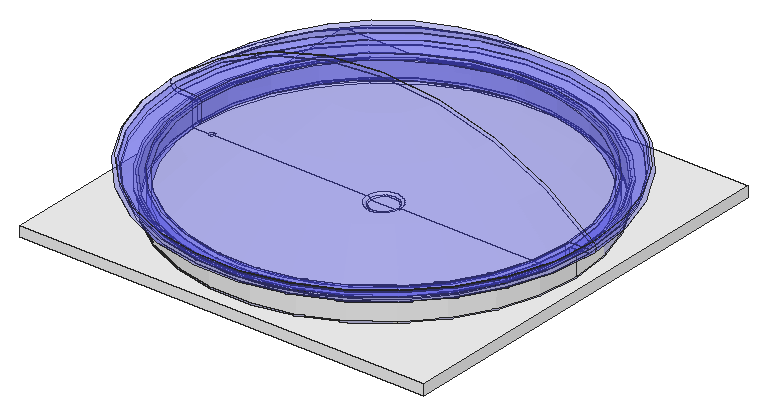
Revit family "BE_50016_de_DE", category Leuchten, Revit 2020
Family settings
  Basisbauteil = Fläche
  Bemaßung runder Anschluss = Durchmesser verwenden
  Teiletyp = Normal
  Beim Laden mit Abzugskörper schneiden = Ja
  Lichtquelle = Ja
  Gemeinsam genutzt = Nein
  Raumberechnungspunkt = Ja
Parameters (values of type "BEGA_50016_K3")
  built-in parameter 1150104 = 11.669 (stored number, unit not read)
  Wattage = 43.5 W
  Default Elevation = 0 mm
  built-in parameter 1150113 = 1 (stored number, unit not read)
  built-in parameter 1114218 = 1 (stored number, unit not read)
  Umgebungstemperatur = "25 °C"
  URL = "https://www.bega.com/de/produkt/50016"
  Typenkommentare = "© 2022 BEGA. Wir behalten uns das Recht vor, technische Änderungen ohne vorherige Ankündigung vorzunehmen."  # constant formula
  built-in parameter 1150134 = (empty or 0)
  built-in parameter 1150109 = 1 (stored number, unit not read)
  Strom = ""
  built-in parameter 1150110 = 1 (stored number, unit not read)
  Spannung = 239.996 V
  Sonderanfertigung = no
  Seriennummer [instance] = "Hier können Sie die eindeutige Seriennummer für das Facility Management eintragen."
  Schutzklasse = "I"
  Schutzart = "IP 20"
  Scheinlast = 0 VA
  Produktdatenblatt = "http://www.bega.de/download/Xrfa/db/50016.db.de.pdf"
  Oberflächentemperatur = ""
  Neigungswinkel = 0.00°
  Model = "50016K2"
  Material_17 = BEGA_Reflektor
  Material_15 = BEGA_Leuchtmedium_matt
  Material_11 = BEGA_Glas_opal
  Material_09 = BEGA_Glas_klar
  Material_06 = BEGA_Oberfläche_Edelstahl_gebürstet
  Material_03 = BEGA_Oberfläche_Weiss_matt
  Material_02 = BEGA_Oberfläche_Silber_matt
  Material_01 [instance] = BEGA_Oberfläche_Grafit_matt
  M_W = no
  M_G = no
  M_A = no
  Logo = 0
  built-in parameter 1114217 = 1 (stored number, unit not read)
  built-in parameter 1150139 = (empty or 0)
  built-in parameter 1150105 = 1494.8 (stored number, unit not read)
  built-in parameter 1150114 = 1 (stored number, unit not read)
  Lumens = 5463.6 lm
  built-in parameter 1150115 = 1 (stored number, unit not read)
  Leuchtenlichtstrom = "3144 lm"
  Leuchtenanzahl = ""
  Lebensdauerkriterien = "L70B50 @ 25 °C = 139000 h"
  Lastklassifizierung = Beleuchtung
  built-in parameter 1150112 = 1 (stored number, unit not read)
  Lampenlichtstrom = "5465 lm"
  Lamp = "LED 43.5 W"
  LED_Modulbezeichnung = "LED-0630/927"
  Hersteller = "BEGA"  # constant formula
  Halbstreuwinkel = ""
  Gewicht = "3.9 kg"
  Gebrauchslageneinschränkung [instance] = ""
  Frequenz = "0/50-60 Hz"
  Farbwiedergabeindex = "CRI > 90"
  Farbtemperaturverschiebung bei Dämpfen der Lampe = <Keine Auswahl>
  Farbtemperatur = "2700 K"
  Color Filter = 16777215
  built-in parameter 1150133 = 10 (stored number, unit not read)
  Energieeffizienzklasse = "LED A++ - A"
  built-in parameter 1150137 = (empty or 0)
  built-in parameter 1150132 = (empty or 0)
  ENEC = "ja"
  Dimmbar [instance] = ""
  Photometric Web File = "BE_50016K2.IES"
  CE_Konformität = "ja"
  Bestellnummer = "50016K2"
  Beschreibung_Sonderanfertigung = "Hier können Sie Informationen zur Sonderanfertigung eintragen."
  Beschreibung = "Decken- und Wandleuchte"
  built-in parameter 1150106 = 14.948 (stored number, unit not read)
  Befestigungsbohrung = "Ø 6 mm"
  Befestigungsabstand = "340 mm"
  Ballwurfsicher = ""
  BEGA_Intern_aus = yes
  BEGA_Intern_an = yes
  BEGA_Intern_Konstruktion = yes
  BEGA_Intern = yes
  BEGA_IES = yes
  BEGA_Dummy = no
  Anschlussleitung = ""
  Anschlussleistung [instance] = "48.7 W"
  Anschlusskasten = ""
  built-in parameter 1150107 = 2700 (stored number, unit not read)
  built-in parameter 1150102 = (empty or 0)
  built-in parameter 1150138 = (empty or 0)
  Aktualisierung = "2020-07-14T04:00:13"
  Abstand_zur_angestrahlten_Fläche [instance] = ""
  AC/DC = "AC/DC"
Types (3, lengths in mm): name | built-in parameter 1150104 | built-in parameter 1150134 | Model | built-in parameter 1150105 | Lumens | Leuchtenlichtstrom | Lampenlichtstrom | LED_Modulbezeichnung | Farbtemperatur | Photometric Web File | Bestellnummer | built-in parameter 1150106 | built-in parameter 1150107
  BEGA_50016_K3 | 11.762 (stored number, unit not read) | (empty or 0) | "50016K3" | 1506.8 (stored number, unit not read) | 5507.1 lm | "3703 lm" | "6435 lm" | "LED-0630/930" | "3000 K" | "BE_50016K3.IES" | "50016K3" | 15.068 (stored number, unit not read) | 3000 (stored number, unit not read)
  BEGA_50016_K4 | 12.18 (stored number, unit not read) | 12 | "50016K4" | 1560.2 (stored number, unit not read) | 5702.85 lm | "3703 lm" | "6435 lm" | "LED-0630/930" | "4000 K" | "BE_50016K4.IES" | "50016K4" | 15.602 (stored number, unit not read) | 4000 (stored number, unit not read)
  BEGA_50016_K27 | 12.18 (stored number, unit not read) | 12 | "50016K27" | 1560.2 (stored number, unit not read) | 5702.85 lm | "3582 lm" | "6225 lm" | "LED-0630/927" | "2700 K" | "BE_50016K27.IES" | "50016K27" | 15.602 (stored number, unit not read) | 4000 (stored number, unit not read)
Reference planes
  plane 1 "Mitte (Vorne/Hinten)": y = 0
  plane 2: z = 0
  plane 3 "Mitte (Links/Rechts)": x = 0
  plane 4 "Links": x = -210.263
  plane 5 "Rechts": x = 210.263
  plane 6 "Unten": y = -210.3
  plane 7 "Oben": y = 210.3
  plane 8 "Vorne": z = 117.8
  plane 9 "Hinten": z = 0
Forms (mm)
  Extrusion 1, solid, material "BEGA_Platte_Weiss"
    sketch origin (0, -1119.2, 0) x (1, 0, 0) y (0, 1, 0)
      loop
        line (-200, 1319.2) -> (-200, 919.2) -> (200, 919.2) -> (200, 1319.2) -> (-200, 1319.2)
    from 0 to -10
  Extrusion 2, solid, material "BEGA_Dummy_matt", visible <- "BEGA_Dummy"
    sketch origin (77.149, -76.023, 0) x (1, 0, 0) y (0, 1, 0)
      loop
        circle (-77.149, 76.023) r 210
    from 0 to 117.8
Dimensions and locks
  plane 1 "Mitte (Vorne/Hinten)" to Extrusion 1 = 200 mm
  aligned and locked: plane 2 to Extrusion 1
  aligned and locked: level to Extrusion 1
Nested families
  nested 1: "BE_50016" at (0, 0, 0) x (0, -1, 0) z (0, 0, 1), type "BE_50016"
Connectors
  electrical at (0, 0, 0), driven by "Lastklassifizierung", driven by "Spannung", driven by "Scheinlast"
    settings: index 1, voltage 239.996 V, apparent load 0 VA, apparent load phase1 0 VA, apparent load phase2 0 VA, apparent load phase3 0 VA, power factor 1, load classification "Beleuchtung", number of poles 1, system type 31, power factor state 1, is connector primary yes, connector utility no, sub classification motor no, connector description ""
Definition of nested family "BE_50016"
  Parameters (values of type "BE_50016")
    Default Elevation = 1 mm
    URL = "http://www.bega.de/de/produkt"
    Type Comments = "© 2015 BEGA. Wir behalten uns das Recht vor, technische Änderungen ohne vorherige Ankündigung vorzunehmen. "  # constant formula
    Type Image = (empty or 0)
    Neigungswinkel_um_Z2 = 0.00°
    Neigungswinkel_um_Z1 = 0.00°
    Neigungswinkel_um_Y2 = 0.00°
    Neigungswinkel_um_Y1 = 0.00°
    Neigungswinkel_um_X2 = 0.00°
    Neigungswinkel_um_X1 = 0.00°
    Material_17 = none
    Material_15 = none
    Material_11 = none
    Material_09 = none
    Material_06 = none
    Material_05 = none
    Material_03 = none
    Material_02 = none
    Material_01 = none
    M_W = yes
    M_G = yes
    M_A = yes
    Länge_Platte = 600 mm  # constant formula
    Höhe_Platte = -10 mm  # constant formula
    Manufacturer = "BEGA"  # constant formula
    Drehwinkel_um_Z2 = 0.00°
    Drehwinkel_um_Z1 = 0.00°
    Breite_Platte = 600 mm  # constant formula
  Reference planes
    plane 1 "Mitte (Oben/Unten)": y = 0
    plane 2: z = 0
    plane 3 "Mitte (Links/Rechts)": x = 0
    plane 4: y = 210.263
    plane 5: z = 117.8
    plane 6: y = -210.263
    plane 7: x = -210.3
    plane 8: x = 210.3
  Forms (mm)
    Extrusion 1, solid, detail levels medium
      sketch origin (0, 0, 0) x (1, 0, 0) y (0, 1, 0)
        loop
          line (-300, 300) -> (-300, -300) -> (300, -300) -> (300, 300) -> (-300, 300)
      from 0 to -10 <- "Höhe_Platte"
    Revolve 2, solid, material <- "Material_03", detail levels medium+fine
      sketch origin (0, 0, 0) x (0, 1, 0) y (0, 0, 1)
        loop
          line (188.667, 3.3) -> (16.416, 3.3)
          arc (16.416, 3.3) -> (15.106, 2.926) -> (14.186, 1.92) r 2.5
          arc (14.186, 1.92) -> (13.635, 1.322) -> (12.852, 1.1) r 1.5
          line (12.852, 1.1) -> (0.002, 1.1) -> (0.002, 0.1) -> (13.084, 0.1)
          arc (13.084, 0.1) -> (14.394, 0.474) -> (15.313, 1.48) r 2.5
          arc (15.313, 1.48) -> (15.866, 2.078) -> (16.65, 2.3) r 1.5
          line (16.65, 2.3) -> (188.667, 2.3)
          arc (188.667, 2.3) -> (190.064, 2.868) -> (190.667, 4.25) r 2
          line (190.667, 4.25) -> (191.038, 25.509)
          arc (191.038, 25.509) -> (191.277, 26.071) -> (191.842, 26.3) r 0.8
          line (191.842, 26.3) -> (194, 26.3) -> (194, 27.3) -> (191.844, 27.3)
          arc (191.844, 27.3) -> (190.578, 26.786) -> (190.038, 25.531) r 1.8
          line (190.038, 25.531) -> (189.667, 4.275)
          arc (189.667, 4.275) -> (189.365, 3.584) -> (188.667, 3.3) r 1
        axis (0, 0.1) -> (0, 27.3)
      angle from 0 to 360
    Extrusion 3, void
      sketch origin (0, 0, 0) x (1, 0, 0) y (0, 1, 0)
        loop
          circle (163, 18) r 8.5
        loop
          circle (0, -170) r 2.75
        loop
          circle (163, -18) r 8.5
        loop
          circle (0, 170) r 2.75
      from 1.096 to 7.205
    Revolve 4, solid, material <- "Material_11", detail levels medium+fine
      sketch origin (0, 0, 0) x (0, 1, 0) y (0, 0, 1)
        loop
          line (0, 117.8) -> (0, 113.8)
          arc (0, 113.8) -> (109.34, 94.281) -> (205.171, 38.134) r 315.999
          arc (205.171, 38.134) -> (206.112, 34.88) -> (203.42, 32.823) r 3
          line (203.42, 32.823) -> (183.692, 31.789)
          arc (183.692, 31.789) -> (181.07, 30.581) -> (180, 27.899) r 3.895
          line (180, 27.899) -> (180, 10.3) -> (184, 10.3) -> (184, 26.851)
          arc (184, 26.851) -> (184.275, 27.539) -> (184.948, 27.85) r 1
          line (184.948, 27.85) -> (203.629, 28.829)
          arc (203.629, 28.829) -> (209.896, 33.581) -> (207.79, 41.158) r 7
          arc (207.79, 41.158) -> (110.737, 98.029) -> (0, 117.8) r 319.999
        axis (0, 117.8) -> (0, 10.3)
      angle from 0 to 360
    Revolve 5, solid, material <- "Material_03", detail levels medium+fine
      sketch origin (87.5, 0, 0) x (0, 1, 0) y (0, 0, 1)
        loop
          line (151.554, 0) -> (151.554, 2.614) -> (145.865, 2.614)
          arc (145.865, 2.614) -> (148.424, 0.685) -> (151.554, 0) r 7.5
        axis (151.554, 0) -> (151.554, 2.614)
      angle from 0 to 360
    Revolve 6, solid, material <- "Material_03", detail levels medium+fine
      sketch origin (-43.752, -75.774, 0) x (0.866025, -0.5, 0) y (0, 0, 1)
        loop
          line (151.554, 0) -> (151.554, 2.614) -> (145.865, 2.614)
          arc (145.865, 2.614) -> (148.424, 0.685) -> (151.554, 0) r 7.5
        axis (151.554, 0) -> (151.554, 2.614)
      angle from 0 to 360
    Revolve 7, solid, material <- "Material_03", detail levels medium+fine
      sketch origin (-43.748, 75.781, 0) x (-0.866025, -0.5, 0) y (0, 0, 1)
        loop
          line (151.554, 0) -> (151.554, 2.614) -> (145.865, 2.614)
          arc (145.865, 2.614) -> (148.424, 0.685) -> (151.554, 0) r 7.5
        axis (151.554, 0) -> (151.554, 2.614)
      angle from 0 to 360
  Cuts and joins
    Extrusion 3 cuts Revolve 2
    joined: Revolve 2, Revolve 5, Revolve 6, Revolve 7
  Dimensions and locks
    equal spacing: Extrusion 1 sketch curve, plane 3 "Mitte (Links/Rechts)", Extrusion 1 sketch curve
    equal spacing: Extrusion 1 sketch curve, plane 1 "Mitte (Oben/Unten)", Extrusion 1 sketch curve
    "Länge_Platte": Extrusion 1 sketch curve to Extrusion 1 sketch curve
    "Breite_Platte": Extrusion 1 sketch curve to Extrusion 1 sketch curve
    aligned and locked: Extrusion 1 to plane 2
    aligned and locked: level to Extrusion 1
  Automatic sketch dimensions
    Revolve 2 sketch curve to Revolve 2 sketch curve = 0 mm  (x11)
    Revolve 2 sketch curve to plane 1 "Mitte (Oben/Unten)" = 0 mm
    Revolve 2 sketch curve to plane 1 "Mitte (Oben/Unten)" = 0.002 mm
    level to Revolve 2 sketch curve = 2.6 mm
    Revolve 2 sketch curve to plane 1 "Mitte (Oben/Unten)" = 12.849 mm
    Revolve 2 sketch curve to Revolve 2 sketch curve = 0.003 mm
    Revolve 2 sketch curve to Revolve 2 sketch curve = 0.229 mm  (x2)
    level to Revolve 2 sketch curve = 0.1 mm
    Revolve 2 sketch curve to Revolve 2 sketch curve = 0.232 mm
    Revolve 2 sketch curve to Revolve 2 sketch curve = 3.338 mm
    level to Revolve 2 sketch curve = 0.8 mm
    Revolve 2 sketch curve to Revolve 2 sketch curve = 0.005 mm
    level to Revolve 2 sketch curve = 4.3 mm
    level to Revolve 2 sketch curve = 4.275 mm
    Revolve 2 sketch curve to Revolve 2 sketch curve = 1 mm  (x6)
    level to Revolve 2 sketch curve = 4.25 mm
    Revolve 2 sketch curve to Revolve 2 sketch curve = 0.8 mm
    Revolve 2 sketch curve to Revolve 2 sketch curve = 0.004 mm
    Revolve 2 sketch curve to Revolve 2 sketch curve = 0.002 mm
    Revolve 2 sketch curve to Revolve 2 sketch curve = 2.156 mm
    Revolve 2 sketch curve to Revolve 2 sketch curve = 21.25 mm
    Revolve 2 sketch curve to Revolve 2 sketch curve = 0.009 mm
    Revolve 2 sketch curve to Revolve 2 sketch curve = 0.025 mm
    Revolve 2 sketch curve to Revolve 2 sketch curve = 6.2 mm
    Revolve 5 sketch curve to Revolve 5 sketch curve = 5.69 mm
    Revolve 5 sketch curve to Revolve 5 sketch curve = 0 mm  (x3)
    Revolve 5 sketch curve to Revolve 5 sketch curve = 1.154 mm
    Revolve 5 sketch curve to Revolve 5 sketch curve = 2.614 mm
    Revolve 6 sketch curve to Revolve 6 sketch curve = 5.69 mm
    Revolve 6 sketch curve to Revolve 6 sketch curve = 0 mm  (x3)
    Revolve 6 sketch curve to Revolve 6 sketch curve = 1.154 mm
    Revolve 6 sketch curve to Revolve 6 sketch curve = 2.614 mm
    Revolve 7 sketch curve to Revolve 7 sketch curve = 5.69 mm
    Revolve 7 sketch curve to Revolve 7 sketch curve = 0 mm  (x3)
    Revolve 7 sketch curve to Revolve 7 sketch curve = 1.154 mm
    Revolve 7 sketch curve to Revolve 7 sketch curve = 2.614 mm
    Revolve 5 sketch curve to level = 0 mm
    Revolve 6 sketch curve to level = 0 mm
    level to Revolve 7 sketch curve = 0 mm
    Extrusion 3 sketch curve to plane 3 "Mitte (Links/Rechts)" = 0 mm  (x2)
    plane 1 "Mitte (Oben/Unten)" to Extrusion 3 sketch curve = 18 mm
    Extrusion 3 sketch curve to plane 1 "Mitte (Oben/Unten)" = 18 mm
    Revolve 4 sketch curve to Revolve 4 sketch curve = 0 mm  (x9)
    Revolve 4 sketch curve to plane 1 "Mitte (Oben/Unten)" = 0 mm  (x2)
    plane 1 "Mitte (Oben/Unten)" to Revolve 4 sketch curve = 0 mm
    Revolve 4 sketch curve to plane 1 "Mitte (Oben/Unten)" = 0.001 mm
    Revolve 4 sketch curve to Revolve 4 sketch curve = 3.692 mm
    Revolve 4 sketch curve to Revolve 4 sketch curve = 0.204 mm
    Revolve 4 sketch curve to Revolve 4 sketch curve = 4 mm  (x2)
    Revolve 4 sketch curve to Revolve 4 sketch curve = 1 mm
    Revolve 4 sketch curve to Revolve 4 sketch curve = 19.572 mm
    Revolve 4 sketch curve to level = 202.199 mm
    Revolve 4 sketch curve to Revolve 4 sketch curve = 0.001 mm
    level to Revolve 4 sketch curve = 10.3 mm
    Revolve 4 sketch curve to Revolve 4 sketch curve = 16.551 mm
    Revolve 4 sketch curve to Revolve 4 sketch curve = 1.048 mm
    Revolve 4 sketch curve to Revolve 4 sketch curve = 4.03 mm
    Revolve 4 sketch curve to Revolve 4 sketch curve = 0.052 mm
    Revolve 4 sketch curve to Revolve 4 sketch curve = 0.157 mm
    Revolve 4 sketch curve to Revolve 4 sketch curve = 0.209 mm
    Revolve 4 sketch curve to Revolve 4 sketch curve = 1.908 mm
    Revolve 4 sketch curve to Revolve 4 sketch curve = 2.619 mm
    Revolve 2 sketch curve to Revolve 2 sketch curve = 172.018 mm
    Revolve 2 sketch curve to Revolve 2 sketch curve = 0.371 mm
    Extrusion 3 sketch curve to plane 1 "Mitte (Oben/Unten)" = 170 mm
    Revolve 4 sketch curve to plane 1 "Mitte (Oben/Unten)" = 180 mm
    Revolve 5 sketch curve to plane 1 "Mitte (Oben/Unten)" = 145.865 mm
    plane 1 "Mitte (Oben/Unten)" to Extrusion 3 sketch curve = 170 mm
    level to Revolve 4 sketch curve = 113.8 mm
    Revolve 4 sketch curve to Revolve 4 sketch curve = 45.47 mm
    plane 3 "Mitte (Links/Rechts)" to Extrusion 3 sketch curve = 163 mm
    Extrusion 3 sketch curve to Extrusion 3 sketch curve = 0 mm
    radius of Extrusion 3 sketch curve = 8.5 mm  (x2)
    radius of Extrusion 3 sketch curve = 2.75 mm  (x2)
